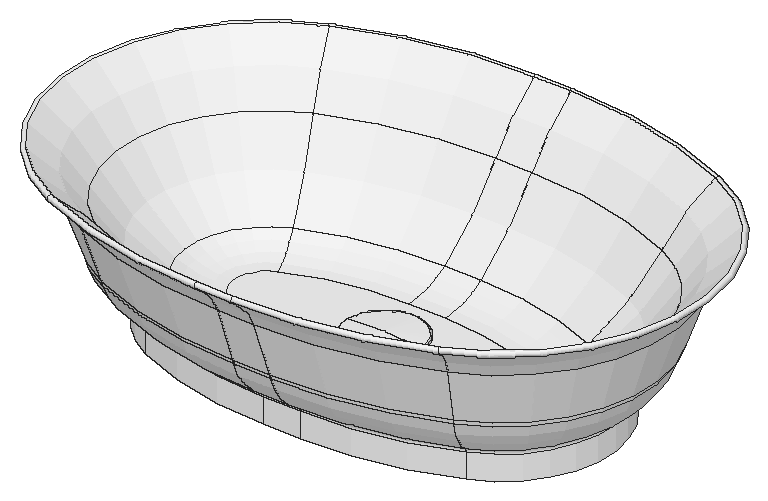
Revit family "Reece_Basin_LAUFEN_The New Classic_Above Counter Basin_550 mm", category Plumbing Fixtures, host Face, Revit 2018
Family settings
  Host = Face
  Round Connector Dimension = Use Diameter
  Part Type = Normal
  Cut with Voids When Loaded = No
  Shared = Yes
  Room Calculation Point = Yes
Parameters (values of type "No Taphole_SaphirKeramik_Matte White")
  WFU = 0  # constant formula
  URL = "https://www.reece.com.au/product/-1860673"
  Type Comments = "Basin"
  Reece_Product_Web Page = "https://www.reece.com.au/product/-1860673"
  Reece_Product_Type = "Basin"  # constant formula
  Reece_Product_Sub Brand = "The New Classic"  # constant formula
  Reece_Product_Number = "1860673"
  Reece_Product_Mount = "Above Counter"
  Reece_Product_Description = "LAUFEN The New Classic Above Counter Basin 550mm x 380mm Matte White"
  Reece_Product_Brand = "LAUFEN"  # constant formula
  Reece_Overall_Width = 550 mm  # constant formula
  Reece_Overall_Length = 380 mm  # constant formula
  Reece_Overall_Height = 145 mm  # constant formula
  Reece_Overall_Capacity = 7.50 L  # constant formula
  Reece_Material-Main = Reece_SaphirKeramik_Matte_White
  Reece_Detail_Installation = "Above Counter Basin"  # constant formula
  Reece_Detail_Disclaimer = "THIS FILE IS THE PROPERTY OF THE REECE GROUP. IT MAY NOT BE REPRODUCED, REVERSE-ENGINEERED OR MODIFIED. ANY REPUBLICATION, TRANSMISSION OR DISTRIBUTION FOR THE PURPOSE OF COMMERCIALLY EXPLOITING THE FILES IS PROHIBITED."  # constant formula
  Reece_Detail_Connector = "No Taphole"  # constant formula
  Reece_Detail_Additional = "No Overflow"  # constant formula
  Reece_Basin_Outlet = 40 mm  # constant formula
  Model = "The New Classic"
  Manufacturer = "LAUFEN"
  Keynote = "Product #1860673, Reece_Basin_LAUFEN_The New Classic_Above Counter Basin_550 mm - No Taphole_SaphirKeramik_Matte White"
  HWFU = 0  # constant formula
  Disclaimer = "THIS FILE IS THE PROPERTY OF THE REECE GROUP. IT MAY NOT BE REPRODUCED, REVERSE-ENGINEERED OR MODIFIED. ANY REPUBLICATION, TRANSMISSION OR DISTRIBUTION FOR THE PURPOSE OF COMMERCIALLY EXPLOITING THE FILES IS PROHIBITED."  # constant formula
  Description = "LAUFEN The New Classic Above Counter Basin 550mm x 380mm Matte White"
  Default Elevation = 1000 mm
  CWFU = 0  # constant formula
Types (3, lengths in mm): name | URL | Reece_Product_Web Page | Reece_Product_Number | Reece_Product_Description | Reece_Material-Main | Keynote | Description
  (no name) | "https://www.reece.com.au/product/-1860673" | "https://www.reece.com.au/product/-1860673" | "1860673" | "LAUFEN The New Classic Above Counter Basin 550mm x 380mm Matte White" | Reece_SaphirKeramik_Matte_White | "Product #1860673, Reece_Basin_LAUFEN_The New Classic_Above Counter Basin_550 mm -  " | "LAUFEN The New Classic Above Counter Basin 550mm x 380mm Matte White"
  No Taphole_SaphirKeramik_White | "https://www.reece.com.au/product/-9509861" | "https://www.reece.com.au/product/-9509861" | "9509861" | "LAUFEN The New Classic Above Counter Basin 550mm x 380mm" | Reece_SaphirKeramik_White | "Product #9509861, Reece_Basin_LAUFEN_The New Classic_Above Counter Basin_550 mm - No Taphole_SaphirKeramik_White" | "LAUFEN The New Classic Above Counter Basin 550mm x 380mm"
  No Taphole_SaphirKeramik_Matte White | "https://www.reece.com.au/product/-1860673" | "https://www.reece.com.au/product/-1860673" | "1860673" | "LAUFEN The New Classic Above Counter Basin 550mm x 380mm Matte White" | Reece_SaphirKeramik_Matte_White | "Product #1860673, Reece_Basin_LAUFEN_The New Classic_Above Counter Basin_550 mm - No Taphole_SaphirKeramik_Matte White" | "LAUFEN The New Classic Above Counter Basin 550mm x 380mm Matte White"
Reference planes
  plane 1 "Center (Front/Back)": y = -79.125
  plane 2 "Bottom": z = 0
  plane 3 "Center (Left/Right)": x = 0
  plane 4: y = 110.875
  plane 5: x = 275
  plane 6: x = -275
  plane 7: y = -269.125
  plane 8 "Top": z = 145
  plane 9: z = 25
Forms (mm)
  Extrusion 1, void
    sketch origin (0, 0, 0) x (1, 0, 0) y (0, 1, 0)
      loop
        circle (0.403, -79.125) r 75
    from -56.848 to 42.32
  Sweep 2, solid, material "Reece_SaphirKeramik_Matte_White" <- "Reece_Material-Main"
    path origin (0, 0, 5) x (1, 0, 0) y (0, 1, 0)
      loop
        arc (173.29, -235.744) -> (275, -79.125) -> (173.29, 77.495) r 171.441
        arc (173.29, 77.495) -> (96.523, 102.438) -> (16.247, 110.875) r 386.104
        line (16.247, 110.875) -> (-16.247, 110.875)
        arc (-16.247, 110.875) -> (-96.523, 102.438) -> (-173.29, 77.495) r 386.104
        arc (-173.29, 77.495) -> (-275, -79.125) -> (-173.29, -235.744) r 171.441
        arc (-173.29, -235.744) -> (-96.523, -260.687) -> (-16.247, -269.125) r 386.104
        line (-16.247, -269.125) -> (16.247, -269.125)
        arc (16.247, -269.125) -> (96.523, -260.687) -> (173.29, -235.744) r 386.104
    profile origin (275, -79.125, 5) x (-1, 0, 0) y (0, 0, 1)
      loop
        arc (1.067, 135.706) -> (15.231, 123.492) -> (25.538, 107.887) r 68.104
        arc (25.538, 107.887) -> (35.149, 84.814) -> (42.346, 60.878) r 243.744
        arc (42.346, 60.878) -> (42.831, 59.053) -> (43.384, 57.247) r 50
        arc (43.384, 57.247) -> (55.149, 36.145) -> (73.97, 20.996) r 63.225
        arc (73.97, 20.996) -> (75.918, 19.156) -> (76.637, 16.574) r 5
        line (76.637, 16.574) -> (76.637, -5) -> (152.951, -5) -> (152.951, 20) -> (142.655, 20)
        arc (142.655, 20) -> (121.861, 23.307) -> (103.118, 32.9) r 67.035
        arc (103.118, 32.9) -> (71.928, 60.53) -> (46.461, 93.511) r 221.606
        arc (46.461, 93.511) -> (27.226, 118.507) -> (3.724, 139.541) r 170.804
        arc (3.724, 139.541) -> (0.415, 138.995) -> (1.067, 135.706) r 2.334
  Extrusion 3, solid, material "Reece_SaphirKeramik_Matte_White" <- "Reece_Material-Main"
    sketch origin (0, 0, 5) x (1, 0, 0) y (0, 1, 0)
      loop
        arc (-111.079, -96.017) -> (-64.723, -111.079) -> (-16.247, -116.174) r 233.153
        line (-16.247, -116.174) -> (16.247, -116.174)
        arc (16.247, -116.174) -> (64.723, -111.079) -> (111.079, -96.017) r 233.153
        arc (111.079, -96.017) -> (122.049, -79.125) -> (111.079, -62.233) r 18.491
        arc (111.079, -62.233) -> (64.723, -47.17) -> (16.247, -42.075) r 233.153
        line (16.247, -42.075) -> (-16.247, -42.075)
        arc (-16.247, -42.075) -> (-64.723, -47.17) -> (-111.079, -62.233) r 233.153
        arc (-111.079, -62.233) -> (-122.049, -79.125) -> (-111.079, -96.017) r 18.491
    from -5 to 20
  Revolve 4, void
    sketch origin (0, -79.125, 5) x (1, 0, 0) y (0, 0, 1)
      loop
        line (0, -5) -> (0, 20) -> (-32.992, 20)
        arc (-32.992, 20) -> (-27.701, 15.911) -> (-23.598, 10.63) r 26.581
        arc (-23.598, 10.63) -> (-22.344, 7.669) -> (-21.915, 4.482) r 12.071
        line (-21.915, 4.482) -> (-21.915, -5) -> (0, -5)
      axis (0, 20) -> (0, -5)
    angle from 0 to 360
  Revolve 5, solid, material "Reece_SaphirKeramik_Matte_White" <- "Reece_Material-Main"
    sketch origin (170, -79.125, -887.882) x (1, 0, 0) y (0, 0, 1)
      loop
        line (-170, 887.882) -> (-170, 918.149)
        arc (-170, 918.149) -> (-186.184, 917.667) -> (-202.269, 915.812) r 190.453
        arc (-202.269, 915.812) -> (-202.961, 915.424) -> (-203.236, 914.679) r 1.147
        line (-203.236, 914.679) -> (-203.236, 913.198) -> (-199.924, 913.198) -> (-190.773, 908.931) -> (-190.773, 887.882) -> (-170, 887.882)
      axis (-170, 918.149) -> (-170, 887.882)
    angle from 0 to 360
Cuts and joins
  Revolve 4 cuts Extrusion 3
  joined: Sweep 2, Extrusion 3
Text (mm)
  text "Reece Copyright © 2018, Reece Ltd." at (-902.343, -740.328, 0), in view "Ref. Level"
  text "Reece ©" at (44.384, 258.95, 192.345), in view "Reece Preview"
Dimensions and locks
  equal spacing: plane 6, plane 3 "Center (Left/Right)", plane 5
  equal spacing: plane 4, plane 1 "Center (Front/Back)", plane 7
  plane 4 to plane 1 "Center (Front/Back)" = 190 mm
  "Reece_Overall_Height": plane 8 "Top" to plane 2 "Bottom"
  plane 8 "Top" to plane 9 = 120 mm  (x3)
  "Reece_Overall_Width": plane 6 to plane 5  (x2)
  plane 9 to plane 8 "Top" = 120 mm
  "Reece_Overall_Height": plane 8 "Top" to cut or joined group of Sweep 2, Extrusion 3, Revolve 4
  "Reece_Overall_Length": plane 4 to plane 7
  "Reece_Overall_Length": plane 7 to plane 4
  aligned and locked: host face to plane 2 "Bottom"
  aligned and locked: level to host face
Automatic sketch dimensions
  host sketch curve to host sketch curve = 801.051 mm
  host sketch curve to host sketch curve = 660.299 mm
  plane 1 "Center (Front/Back)" to Extrusion 1 sketch curve = 0 mm
  plane 3 "Center (Left/Right)" to Extrusion 1 sketch curve = 0.403 mm
  plane 1 "Center (Front/Back)" to Sweep 2 sketch curve = 0 mm  (x2)
  plane 7 to Sweep 2 sketch curve = 0 mm
  Sweep 2 sketch curve to plane 4 = 0 mm
  Sweep 2 sketch curve to plane 3 "Center (Left/Right)" = 103.559 mm
  plane 4 to Sweep 2 sketch curve = 6.104 mm  (x2)
  Sweep 2 sketch curve to plane 3 "Center (Left/Right)" = 16.247 mm
  Sweep 2 sketch curve to Sweep 2 sketch curve = 0 mm  (x10)
  plane 3 "Center (Left/Right)" to Sweep 2 sketch curve = 16.247 mm
  plane 3 "Center (Left/Right)" to Sweep 2 sketch curve = 103.559 mm
  plane 7 to Sweep 2 sketch curve = 6.104 mm  (x2)
  plane 1 "Center (Front/Back)" to Extrusion 3 sketch curve = 0 mm  (x2)
  Extrusion 3 sketch curve to plane 3 "Center (Left/Right)" = 103.559 mm
  Extrusion 3 sketch curve to plane 3 "Center (Left/Right)" = 16.247 mm  (x2)
  plane 4 to Extrusion 3 sketch curve = 6.104 mm  (x2)
  plane 3 "Center (Left/Right)" to Extrusion 3 sketch curve = 16.247 mm  (x2)
  Extrusion 3 sketch curve to Extrusion 3 sketch curve = 87.311 mm
  plane 1 "Center (Front/Back)" to Extrusion 3 sketch curve = 37.049 mm
  plane 7 to Extrusion 3 sketch curve = 6.104 mm  (x2)
  Extrusion 3 sketch curve to plane 1 "Center (Front/Back)" = 37.049 mm
  Extrusion 3 sketch curve to Extrusion 3 sketch curve = 0 mm  (x2)
  Revolve 4 sketch curve to plane 9 = 0 mm
  Revolve 4 sketch curve to plane 3 "Center (Left/Right)" = 0 mm  (x2)
  Revolve 4 sketch curve to plane 3 "Center (Left/Right)" = 21.915 mm
  Revolve 4 sketch curve to Revolve 4 sketch curve = 11.077 mm
  Revolve 4 sketch curve to Revolve 4 sketch curve = 12.071 mm
  level to Revolve 4 sketch curve = 2.091 mm
  Revolve 4 sketch curve to Revolve 4 sketch curve = 12.486 mm
  Revolve 4 sketch curve to Revolve 4 sketch curve = 13.318 mm
  plane 9 to Revolve 4 sketch curve = 1.037 mm
  Revolve 5 sketch curve to level = 0 mm
  Revolve 5 sketch curve to plane 3 "Center (Left/Right)" = 0 mm  (x2)
  Revolve 5 sketch curve to plane 3 "Center (Left/Right)" = 2.426 mm
  plane 9 to Revolve 5 sketch curve = 3.951 mm
  Revolve 5 sketch curve to plane 3 "Center (Left/Right)" = 20.773 mm
  Revolve 5 sketch curve to plane 9 = 0.316 mm
  Revolve 5 sketch curve to Revolve 5 sketch curve = 9.151 mm
  Revolve 5 sketch curve to Revolve 5 sketch curve = 2.165 mm
  Revolve 5 sketch curve to Revolve 5 sketch curve = 1.147 mm
  Revolve 5 sketch curve to level = 160.171 mm
  Revolve 5 sketch curve to Revolve 5 sketch curve = 1.481 mm
  Revolve 5 sketch curve to plane 9 = 5.267 mm
  plane 9 to Revolve 5 sketch curve = 6.632 mm
  Revolve 5 sketch curve to Revolve 5 sketch curve = 0 mm
  profile plane to Sweep 2 sketch curve = 2.751 mm
  profile plane to Sweep 2 sketch curve = 194.366 mm
  profile plane to Sweep 2 sketch curve = 2.292 mm
  Sweep 2 sketch curve to Sweep 2 sketch curve = 96.421 mm
  profile plane to Sweep 2 sketch curve = 35.905 mm
  Sweep 2 sketch curve to profile plane = 2.334 mm
  profile plane to Sweep 2 sketch curve = 16.574 mm
  Sweep 2 sketch curve to profile plane = 71.637 mm
  Sweep 2 sketch curve to Sweep 2 sketch curve = 5 mm
  Sweep 2 sketch curve to Sweep 2 sketch curve = 14.267 mm
  Sweep 2 sketch curve to Sweep 2 sketch curve = 12.569 mm
  Sweep 2 sketch curve to Sweep 2 sketch curve = 39.182 mm
  Sweep 2 sketch curve to Sweep 2 sketch curve = 10.296 mm
  Sweep 2 sketch curve to Sweep 2 sketch curve = 91.163 mm
  Sweep 2 sketch curve to profile plane = 5 mm
  profile plane to Sweep 2 sketch curve = 20 mm
  Sweep 2 sketch curve to Sweep 2 sketch curve = 56.228 mm
  Sweep 2 sketch curve to Sweep 2 sketch curve = 4.114 mm
  profile plane to Sweep 2 sketch curve = 78.511 mm
  Sweep 2 sketch curve to Sweep 2 sketch curve = 10.12 mm
  Sweep 2 sketch curve to Sweep 2 sketch curve = 59.155 mm
  Sweep 2 sketch curve to Sweep 2 sketch curve = 124.826 mm
  Sweep 2 sketch curve to profile plane = 1.067 mm
  Revolve 4 sketch curve to level = 0 mm
  level to Revolve 4 sketch curve = 9.482 mm
  radius of Extrusion 1 sketch curve = 75 mm
Connectors
  piping at (0, -79.125, 0), diameter 40, driven by "Reece_Basin_Outlet"
    settings: on Revolve 5, index 1, connector inside diameter 609.6 mm, connector length 0 mm, flow factor 0, pipe flow 0.0 L/s, pressure drop 0.0 Pa, fitting loss kfactor 0, connector angle 0.00°, fixture units 0, engagement length 0 mm, angle of deflection 0.00°, flow configuration 0, flow direction 2, fitting loss method 0, system type 16, joint type 0, gender type 0, connector reference index -1, connector utility 0, adjustable connector no, is connector primary yes, connector description ""
